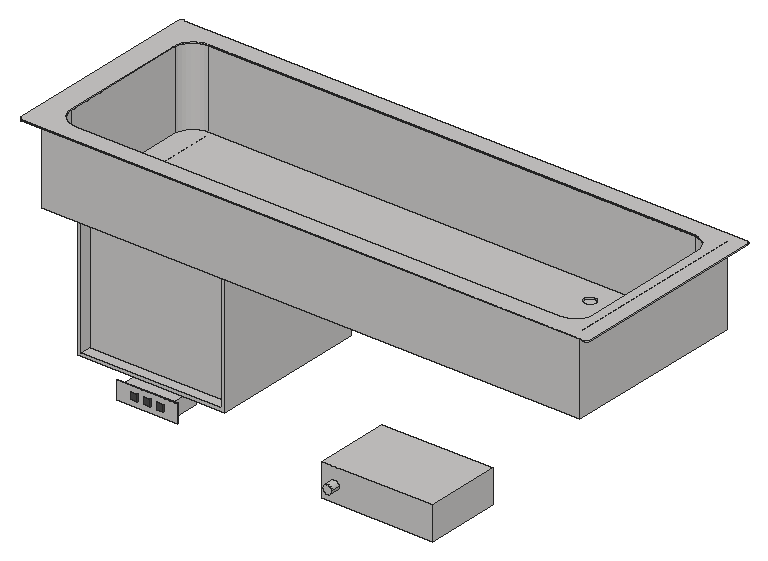
Revit family "QF_ELECTROLUXPROFESSIONAL_341039_D10C5", category Specialty Equipment, Revit 2018
Family settings
  Round Connector Dimension = Use Diameter
  Part Type = Normal
  Work Plane-Based = No
  Always vertical = Yes
  Cut with Voids When Loaded = No
  Shared = No
  Room Calculation Point = No
Parameters (values of type "Standard")
  Weight = 0.00 kg
  Watts = 0 W
  Volts = 220 V
  URL Manufacturer = "http://professional.electrolux.com"
  URL = "http://professional.electrolux.com"
  Steam Supply Size = 0 mm
  Steam Supply Minimum Pressure = 0.0 Pa
  Steam Supply Maximum Pressure = 0.0 Pa
  Steam Pounds per Hour = 0
  Show Clearance [instance] = yes
  Remote Electrical Box_Z [instance] = 200.00 mm
  Remote Electrical Box_Y [instance] = 500.00 mm
  Remote Electrical Box_X [instance] = 1000.00 mm
  Refrigeration Suction Line Size = 0 mm
  Refrigeration Liquid Line Size = 0 mm
  Refrigerant Compressor Remote = yes
  Manufacturer = "Electrolux Professional"
  Phase = 1
  Model = "D10C5"
  Length Actual = 1740.00 mm  # constant formula
  Item Number = "341039"
  Hot Water Size = 0 mm
  Height Actual = 595.00 mm  # constant formula
  HP = "0 HP"
  Gas Size = 0 mm
  Gas KW = 0
  Gas Input Pressure = 0 W
  Direct Waste Size = 25.4 mm
  Description = "DROP-IN REFRIGERATED WELL, STATIC, 5GN"
  Depth Actual = 620.00 mm  # constant formula
  Cycle = 50 Hz
  Controller_Y [instance] = 500.00 mm
  Controller_1Z [instance] = 200.00 mm
  Controller_1X [instance] = 300.00 mm
  Condensate Return Size = 0 mm
  Compressed Air Volume = 0.0 L/s
  Compressed Air Size = 0 mm
  Compressed Air Pressure = 0.0 Pa
  Cold Water Size = 0 mm
  Accessory = yes
Types (2, lengths in mm): name | Volts | URL Manufacturer | URL | Manufacturer | Phase | Model | Item Number | Description | Cycle
  341039.rfa | 0 V | "" | 0.00 | 0.00 | 0 | 0.00 | "" | 0.00 | 0 Hz
  Standard | 220 V | "http://professional.electrolux.com" | "http://professional.electrolux.com" | "Electrolux Professional" | 1 | "D10C5" | "341039" | "DROP-IN REFRIGERATED WELL, STATIC, 5GN" | 50 Hz
Reference planes
  plane 1 "Centro (Fronte/Retro)": y = 74.737
  plane 2: z = 0
  plane 3 "BACK": y = 384.737
  plane 4 "FRONT": y = -235.263
  plane 5 "RIGHT": x = 355.731
  plane 6 "LEFT": x = -1384.269
  plane 7: x = -514.269
  plane 8 "TOP": z = 900
  plane 9: y = 354.737
  plane 10: y = -205.263
  plane 11: x = 308.531
  plane 12: x = -1337.069
  plane 13: y = 329.737
  plane 14: y = -180.263
  plane 15: x = -1314.269
  plane 16: x = 285.731
  plane 17: z = 898
  plane 18: z = 658
  plane 19: z = 661
  plane 20: z = 265
  plane 21: x = -354.269
  plane 22: y = 349.537
  plane 23: y = -200.063
  plane 24: x = -1259.269
  plane 25: x = -809.269
  plane 26: y = 254.737
  plane 27 "1": x = -29.269
  plane 28: y = -165.263
  plane 29: y = 314.737
  plane 30: x = -1084.269
  plane 31: x = -384.269
  plane 32: y = -115.263
  plane 33: y = -115.263
  plane 34: z = 200
  plane 35: z = 200
Forms (mm)
  Extrusion 1, solid, material "QF_Finishes_Stainless Steel"
    sketch origin (0, 0, 900) x (-1, 0, 0) y (0, -1, 0)
      loop
        line (-308.531, -354.737) -> (1337.069, -354.737) -> (1337.069, 205.263) -> (-308.531, 205.263) -> (-308.531, -354.737)
    from -2 to -242
  Extrusion 2, void
    sketch origin (0, 0, 900) x (-1, 0, 0) y (0, -1, 0)
      loop
        line (1314.269, -273.737) -> (1314.269, 124.263)
        arc (1314.269, 124.263) -> (1297.867, 163.861) -> (1258.269, 180.263) r 56
        line (1258.269, 180.263) -> (-229.731, 180.263)
        arc (-229.731, 180.263) -> (-269.329, 163.861) -> (-285.731, 124.263) r 56
        line (-285.731, 124.263) -> (-285.731, -273.737)
        arc (-285.731, -273.737) -> (-269.329, -313.335) -> (-229.731, -329.737) r 56
        line (-229.731, -329.737) -> (1258.269, -329.737)
        arc (1258.269, -329.737) -> (1297.867, -313.335) -> (1314.269, -273.737) r 56
    from 0 to -239
  Extrusion 3, void
    sketch origin (-738.395, -193.95, 900) x (-1, 0, 0) y (0, -1, 0)
      loop
        circle (-709.126, -448.687) r 18
    from -243.6 to -239
  Extrusion 4, solid, material "QF_Finishes_Stainless Steel"
    sketch origin (232.311, 72.737, 0) x (0, -1, 0) y (0, 0, -1)
      loop
        line (204.2, -275) -> (84.2, -275) -> (84.2, -613) -> (204.2, -613) -> (204.2, -275)
    from -1479.58 to -1053.58
  Extrusion 5, solid, material "QF_Finishes_Stainless Steel"
    sketch origin (0, 0, 900) x (-1, 0, 0) y (0, -1, 0)
      loop
        arc (1374.269, -384.737) -> (1381.34, -381.808) -> (1384.269, -374.737) r 10
        line (1384.269, -374.737) -> (1384.269, 225.263)
        arc (1384.269, 225.263) -> (1381.34, 232.334) -> (1374.269, 235.263) r 10
        line (1374.269, 235.263) -> (-345.731, 235.263)
        arc (-345.731, 235.263) -> (-352.802, 232.334) -> (-355.731, 225.263) r 10
        line (-355.731, 225.263) -> (-355.731, -374.737)
        arc (-355.731, -374.737) -> (-352.802, -381.808) -> (-345.731, -384.737) r 10
        line (-345.731, -384.737) -> (1374.269, -384.737)
      loop
        arc (1254.919, -329.737) -> (1296.885, -312.354) -> (1314.269, -270.387) r 59.35
        line (1314.269, -270.387) -> (1314.269, 120.913)
        arc (1314.269, 120.913) -> (1296.885, 162.88) -> (1254.919, 180.263) r 59.35
        line (1254.919, 180.263) -> (-229.731, 180.263)
        arc (-229.731, 180.263) -> (-269.329, 163.861) -> (-285.731, 124.263) r 56
        line (-285.731, 124.263) -> (-285.731, -273.737)
        arc (-285.731, -273.737) -> (-269.329, -313.335) -> (-229.731, -329.737) r 56
        line (-229.731, -329.737) -> (1254.919, -329.737)
    from 0 to -2
  Sweep 6, solid, material "QF_Finishes_Stainless Steel"
    path origin (-29.269, 0, 0) x (0, 1, 0) y (0, 0, 1)
      loop
        line (254.737, 658) -> (254.737, 630) -> (204.737, 630)
    profile origin (-29.269, 254.737, 644) x (1, 0, 0) y (0, 1, 0)
      loop
        circle (0, 0) r 18
  Extrusion 7, solid, material "QF_Finishes_Stainless Steel"
    sketch origin (231.731, -231.263, 456) x (0, 0, 1) y (-1, 0, 0)
      loop
        line (202, 1491) -> (-191, 1491) -> (-191, 1041) -> (202, 1041) -> (202, 1051) -> (-181, 1051) -> (-181, 1481) -> (202, 1481) -> (202, 1491)
    from -546 to -66
Cuts and joins
  Extrusion 2, Extrusion 3 cuts Extrusion 1
Lines and regions (mm)
  symbolic lines
    curve 1: line (345.731, 384.737, 900) -> (-1374.269, 384.737, 900)
    curve 2: arc (-1374.269, 384.737, 900) -> (-1381.34, 381.808, 900) -> (-1384.269, 374.737, 900) r 10
    curve 3: line (-1384.269, 374.737, 900) -> (-1384.269, -225.263, 900)
    curve 4: arc (-1384.269, -225.263, 900) -> (-1381.34, -232.334, 900) -> (-1374.269, -235.263, 900) r 10
    curve 5: line (-1374.269, -235.263, 900) -> (345.731, -235.263, 900)
    curve 6: arc (345.731, -235.263, 900) -> (352.802, -232.334, 900) -> (355.731, -225.263, 900) r 10
    curve 7: line (355.731, -225.263, 900) -> (355.731, 374.737, 900)
    curve 8: arc (355.731, 374.737, 900) -> (352.802, 381.808, 900) -> (345.731, 384.737, 900) r 10
    curve 9: line (-1314.269, -124.263, 900) -> (-1314.269, 273.737, 900)
    curve 10: arc (-1314.269, 273.737, 900) -> (-1297.867, 313.335, 900) -> (-1258.269, 329.737, 900) r 56
    curve 11: line (-1258.269, 329.737, 900) -> (229.731, 329.737, 900)
    curve 12: arc (229.731, 329.737, 900) -> (269.329, 313.335, 900) -> (285.731, 273.737, 900) r 56
    curve 13: line (285.731, 273.737, 900) -> (285.731, -124.263, 900)
    curve 14: arc (285.731, -124.263, 900) -> (269.329, -163.861, 900) -> (229.731, -180.263, 900) r 56
    curve 15: line (229.731, -180.263, 900) -> (-1258.269, -180.263, 900)
    curve 16: arc (-1258.269, -180.263, 900) -> (-1297.867, -163.861, 900) -> (-1314.269, -124.263, 900) r 56
    curve 17: arc (-11.269, 254.737, 900) -> (-29.269, 272.737, 900) -> (-47.269, 254.737, 900) r 18
    curve 18: arc (-47.269, 254.737, 900) -> (-29.269, 236.737, 900) -> (-11.269, 254.737, 900) r 18
  symbolic lines, style "SpecialityEquipmentHiddenLines"
    curve 19: line (-1337.069, 354.737, 900) -> (308.531, 354.737, 900)
    curve 20: line (-1337.069, -205.263, 900) -> (-1337.069, 354.737, 900)
    curve 21: line (308.531, -205.263, 900) -> (-1337.069, -205.263, 900)
    curve 22: line (308.531, 354.737, 900) -> (308.531, -205.263, 900)
    curve 23: line (-1259.269, 314.737, 900) -> (-809.269, 314.737, 900)
    curve 24: line (-1259.269, -165.263, 900) -> (-1259.269, 314.737, 900)
    curve 25: line (-809.269, -165.263, 900) -> (-1259.269, -165.263, 900)
    curve 26: line (-809.269, 314.737, 900) -> (-809.269, -165.263, 900)
    curve 27: line (-994.269, 329.737, 0) -> (-994.269, -180.263, 0)
    curve 28: line (-674.269, 329.737, 0) -> (-674.269, -180.263, 0)
    curve 29: line (-354.269, 329.737, 0) -> (-354.269, -180.263, 0)
    curve 30: line (-34.269, 329.737, 0) -> (-34.269, -180.263, 0)
Dimensions and locks
  plane 6 "LEFT" to plane 5 "RIGHT" = 1740.00 mm
  equal spacing: plane 3 "BACK", plane 1 "Centro (Fronte/Retro)", plane 4 "FRONT"
  plane 3 "BACK" to plane 4 "FRONT" = 620.00 mm
  equal spacing: plane 6 "LEFT", plane 7, plane 5 "RIGHT"
  locked: plane 8 "TOP" to plane 2 at 900
  plane 6 "LEFT" to plane 12 = 47.20 mm
  plane 11 to plane 5 "RIGHT" = 47.20 mm
  locked: plane 3 "BACK" to plane 9 at 30
  locked: plane 10 to plane 4 "FRONT" at 30
  locked: plane 3 "BACK" to plane 13 at 55
  locked: plane 14 to plane 4 "FRONT" at 55
  locked: plane 6 "LEFT" to plane 15 at 70
  locked: plane 16 to plane 5 "RIGHT" at 70
  locked: plane 8 "TOP" to plane 17 at 2
  plane 8 "TOP" to plane 18 = 242.00 mm
  locked: plane 19 to plane 18 at 3
  plane 8 "TOP" to plane 20 = 635.00 mm
  plane 25 to plane 24 = 450.00 mm
  locked: plane 13 to plane 26 at 75
  locked: plane 24 to Extrusion 4 at 12
  locked: plane 25 to Extrusion 4 at 12
  plane 24 to plane 6 "LEFT" = 125.00 mm
  plane 15 to plane 16 = 1600.00 mm
  Extrusion 5 to Extrusion 5 = 510.00 mm
  equal spacing: plane 28, plane 1 "Centro (Fronte/Retro)", plane 29
  plane 28 to plane 29 = 480.00 mm
  "Controller_Y": plane 3 "BACK" to plane 33
  "Remote Electrical Box_Y": plane 3 "BACK" to plane 32
  "Controller_1X": plane 6 "LEFT" to plane 30
  "Remote Electrical Box_X": plane 6 "LEFT" to plane 31
  "Controller_1Z": plane 35 to plane 2
  "Remote Electrical Box_Z": plane 34 to plane 2
  aligned and locked: level to plane 2
  aligned and locked: Extrusion 1 sketch curve to plane 9
  aligned and locked: plane 11 to Extrusion 1 sketch curve
  aligned and locked: Extrusion 1 sketch curve to plane 10
  aligned and locked: Extrusion 1 sketch curve to plane 12
  aligned and locked: Extrusion 1 to plane 18
  aligned and locked: Extrusion 2 to plane 19
  aligned and locked: Extrusion 3 to plane 19
  aligned and locked: plane 6 "LEFT" to Extrusion 5 sketch curve
  aligned and locked: Extrusion 5 sketch curve to plane 3 "BACK"
  aligned and locked: Extrusion 5 sketch curve to plane 5 "RIGHT"
  aligned and locked: plane 4 "FRONT" to Extrusion 5 sketch curve
  aligned and locked: Extrusion 5 sketch curve to plane 16
  aligned and locked: Extrusion 5 sketch curve to plane 13
  aligned and locked: plane 15 to Extrusion 5 sketch curve
  aligned and locked: Extrusion 5 sketch curve to plane 14
  aligned and locked: Extrusion 5 to plane 17
  aligned and locked: plane 29 to Extrusion 7
  aligned and locked: Extrusion 7 to plane 28
  aligned and locked: plane 30 to nested 1
  aligned and locked: nested 2 to plane 31
  aligned and locked: plane 32 to nested 2
  aligned and locked: nested 1 to plane 33
  aligned and locked: plane 34 to nested 2
  aligned and locked: nested 1 to plane 35
Automatic sketch dimensions
  Extrusion 2 sketch curve to plane 13 = 56.00 mm
  Extrusion 2 sketch curve to plane 16 = 56.00 mm
  plane 14 to Extrusion 2 sketch curve = 56.00 mm
  plane 15 to Extrusion 2 sketch curve = 56.00 mm
  plane 20 to Extrusion 4 sketch curve = 10.00 mm
  Extrusion 4 sketch curve to plane 22 = 361.00 mm
  Extrusion 4 sketch curve to Extrusion 4 sketch curve = 120.00 mm
  Extrusion 4 sketch curve to plane 18 = 45.00 mm
  Extrusion 3 sketch curve to plane 26 = 0.00 mm
  Extrusion 2 sketch curve to plane 16 = 0.00 mm
  plane 14 to Extrusion 2 sketch curve = 0.00 mm
  Extrusion 2 sketch curve to plane 13 = 0.00 mm
  Extrusion 2 sketch curve to plane 15 = 0.00 mm
  Extrusion 5 sketch curve to plane 5 "RIGHT" = 10.00 mm
  Extrusion 5 sketch curve to plane 3 "BACK" = 10.00 mm  (x2)
  plane 24 to Extrusion 5 sketch curve = 4.35 mm  (x2)
  plane 6 "LEFT" to Extrusion 5 sketch curve = 10.00 mm
  Extrusion 3 sketch curve to plane 16 = 315.00 mm
  plane 26 to Extrusion 5 sketch curve = 19.00 mm
  Extrusion 5 sketch curve to Extrusion 5 sketch curve = 56.00 mm
  Sweep 6 sketch curve to plane 26 = 0.00 mm
  Sweep 6 sketch curve to plane 18 = 0.00 mm
  Sweep 6 sketch curve to plane 18 = 28.00 mm
  Sweep 6 sketch curve to Sweep 6 sketch curve = 50.00 mm
  Sweep 6 sketch curve to Sweep 6 sketch curve = 0.00 mm  (x2)
  profile plane to Sweep 6 sketch curve = 0.00 mm
  Sweep 6 sketch curve to plane 27 "1" = 0.00 mm
  Sweep 6 sketch curve to plane 27 "1" = 18.00 mm
  Extrusion 7 sketch curve to plane 20 = 0.00 mm
  Extrusion 7 sketch curve to plane 18 = 0.00 mm  (x2)
  Extrusion 7 sketch curve to plane 25 = 0.00 mm
  Extrusion 7 sketch curve to plane 24 = 0.00 mm
  plane 20 to Extrusion 7 sketch curve = 10.00 mm
  Extrusion 7 sketch curve to plane 25 = 10.00 mm
  plane 24 to Extrusion 7 sketch curve = 10.00 mm
  curve 17 to curve 18 = 0.00 mm  (x2)
  curve 7 to plane 5 "RIGHT" = 0.00 mm
  curve 5 to plane 4 "FRONT" = 0.00 mm
  curve 1 to plane 3 "BACK" = 0.00 mm
  plane 10 to curve 22 = 0.00 mm
  curve 22 to plane 11 = 0.00 mm
  curve 13 to plane 16 = 0.00 mm
  plane 13 to curve 11 = 0.00 mm
  plane 14 to curve 15 = 0.00 mm
  plane 26 to curve 18 = 0.00 mm
  curve 18 to plane 27 "1" = 0.00 mm
  curve 25 to plane 25 = 0.00 mm
  curve 25 to plane 24 = 0.00 mm
  curve 16 to plane 15 = 0.00 mm
  curve 19 to plane 9 = 0.00 mm
  curve 19 to plane 12 = 0.00 mm
  curve 4 to plane 6 "LEFT" = 0.00 mm
  curve 23 to plane 29 = 0.00 mm
  curve 24 to plane 28 = 0.00 mm
  curve 6 to curve 6 = 10.00 mm
  curve 1 to plane 5 "RIGHT" = 10.00 mm
  curve 11 to plane 16 = 56.00 mm
  plane 28 to curve 14 = 41.00 mm
  plane 24 to curve 15 = 1.00 mm
  plane 24 to curve 11 = 1.00 mm
  plane 6 "LEFT" to curve 1 = 10.00 mm
  plane 6 "LEFT" to curve 5 = 10.00 mm
  plane 27 "1" to curve 18 = 18.00 mm
  curve 27 to plane 14 = 0.00 mm
  curve 27 to plane 13 = 0.00 mm
  curve 28 to plane 14 = 0.00 mm
  curve 28 to plane 13 = 0.00 mm
  curve 29 to plane 14 = 0.00 mm
  curve 29 to plane 13 = 0.00 mm
  plane 14 to curve 30 = 0.00 mm
  plane 13 to curve 30 = 0.00 mm
  curve 27 to plane 25 = 185.00 mm
  curve 28 to plane 7 = 160.00 mm
  plane 21 to curve 29 = 0.00 mm
  curve 30 to plane 27 "1" = 5.00 mm
  radius of Extrusion 3 sketch curve = 18.00 mm
Nested families
  nested 1: "Controller" at (-1084.269, -115.263, 200), type "Controller"
  nested 2: "Remote_Electrical_Box" at (-384.269, -0.263, 100), type "Remote_Electrical_Box"
  nested 3: "Refrigerator" at (175.731, -45.263, 900), type "Refrigerator"
Connectors
  piping at (-29.269, 204.737, 630), diameter 36
    settings: on Sweep 6, index 1, connector inside diameter 609.6 mm, connector length 0.00 mm, flow factor 0, pipe flow 0.0 L/s, pressure drop 0.0 Pa, fitting loss kfactor 0, connector angle 0.00°, fixture units 0, engagement length 0.00 mm, angle of deflection 0.00°, flow configuration 1, flow direction 1, fitting loss method 0, system type 16, joint type 0, gender type 0, connector reference index -1, connector utility 0, adjustable connector no, is connector primary yes, connector description "Drain"
  electrical at (-514.269, -142.263, 149.381)
    settings: on nested 2, index 2, voltage 0 V, apparent load 0 VA, apparent load phase1 0 VA, apparent load phase2 0 VA, apparent load phase3 0 VA, power factor 1, load classification "Altro", number of poles 1, system type 14, power factor state 1, is connector primary yes, connector utility no, sub classification motor no, connector description ""
Definition of nested family "Controller"
  Reference planes
    plane 1 "Center (Front/Back)": y = 0
    plane 2: z = 0
    plane 3 "Center (Left/Right)": x = 0
  Forms (mm)
    Extrusion 1, solid
      sketch origin (0, 44.769, -48.2) x (1, 0, 0) y (0, 1, 0)
        loop
          line (-76, 43.231) -> (-76, -47.65) -> (76, -47.65) -> (76, 43.231) -> (-76, 43.231)
      from 6.2 to 48.2
    Extrusion 2, solid
      sketch origin (0, 44.769, -48.2) x (1, 0, 0) y (0, 0, 1)
        loop
          line (-92.25, 54.4) -> (-92.25, 0) -> (92.25, 0) -> (92.25, 54.4) -> (-92.25, 54.4)
        loop
          line (-76, 48.2) -> (-76, 6.2) -> (76, 6.2) -> (76, 48.2) -> (-76, 48.2)
      from 44.769 to 47.65
    Extrusion 3, solid
      sketch origin (76, -2.881, -48.2) x (-1, 0, 0) y (0, 0, -1)
        loop
          line (106, -37.2) -> (126, -37.2) -> (126, -17.2) -> (106, -17.2) -> (106, -37.2)
        loop
          line (66, -37.2) -> (86, -37.2) -> (86, -17.2) -> (66, -17.2) -> (66, -37.2)
        loop
          line (26, -37.2) -> (46, -37.2) -> (46, -17.2) -> (26, -17.2) -> (26, -37.2)
      from 0 to 2
    Extrusion 4, void
      sketch origin (0, 0, 0) x (1, 0, 0) y (0, 1, 0)
        loop
          line (76, 88) -> (-76, 88) -> (-76, 0) -> (76, 0) -> (76, 88)
      from 0 to -42
  Cuts and joins
    Extrusion 4 cuts Extrusion 2
    joined: Extrusion 1, Extrusion 2
  Lines and regions (mm)
    symbolic lines
      curve 1: line (-76, 88, 0) -> (-76, 0, 0)
      curve 2: line (76, 88, 0) -> (-76, 88, 0)
      curve 3: line (76, 0, 0) -> (76, 88, 0)
      curve 4: line (-92.25, -2.881, 0) -> (92.25, -2.881, 0)
      curve 5: line (-92.25, 0, 0) -> (-92.25, -2.881, 0)
      curve 6: line (92.25, 0, 0) -> (-92.25, 0, 0)
      curve 7: line (92.25, -2.881, 0) -> (92.25, 0, 0)
  Dimensions and locks
    aligned and locked: level to plane 2
Definition of nested family "Remote_Electrical_Box"
  Parameters (values of type "Remote_Electrical_Box")
    Default Elevation = 1219.20 mm
  Reference planes
    plane 1 "Center (Front/Back)": y = 0
    plane 2: z = 0
    plane 3 "Center (Left/Right)": x = 0
    plane 4: x = -170
    plane 5: x = 170
    plane 6: y = 115
    plane 7: y = -115
    plane 8: z = 100
    plane 9: z = 50
  Forms (mm)
    Extrusion 1, solid
      sketch origin (0, 0, 0) x (1, 0, 0) y (0, 1, 0)
        loop
          line (-170, 115) -> (-170, -115) -> (170, -115) -> (170, 115) -> (-170, 115)
      from 0 to 100
    Extrusion 2, solid
      sketch origin (0, 0, 0) x (1, 0, 0) y (0, 0, 1)
        loop
          circle (-130, 49.381) r 13
      from 115 to 142
  Lines and regions (mm)
    symbolic lines
      curve 1: line (-170, 115, 0) -> (170, 115, 0)
      curve 2: line (-170, -115, 0) -> (-170, 115, 0)
      curve 3: line (170, -115, 0) -> (-170, -115, 0)
      curve 4: line (170, 115, 0) -> (170, -115, 0)
      curve 5: line (-143, -142, 0) -> (-117, -142, 0)
      curve 6: line (-143, -142, 0) -> (-143, -115, 0)
      curve 7: line (-117, -142, 0) -> (-117, -115, 0)
  Dimensions and locks
    equal spacing: plane 4, plane 3 "Center (Left/Right)", plane 5
    equal spacing: plane 6, plane 1 "Center (Front/Back)", plane 7
    plane 4 to plane 5 = 340.00 mm
    plane 6 to plane 7 = 230.00 mm
    Extrusion 1 to Extrusion 2 sketch curve = 40.00 mm
    equal spacing: plane 8, plane 9, plane 2
    aligned and locked: level to plane 2
    aligned and locked: Extrusion 1 sketch curve to plane 6
    aligned and locked: plane 4 to Extrusion 1 sketch curve
    aligned and locked: plane 7 to Extrusion 1 sketch curve
    aligned and locked: Extrusion 1 sketch curve to plane 5
    aligned and locked: plane 7 to Extrusion 2
    aligned and locked: plane 8 to Extrusion 1
  Automatic sketch dimensions
    level to Extrusion 2 sketch curve = 49.381 mm
    curve 3 to plane 4 = 0.00 mm
    curve 7 to plane 7 = 0.00 mm
    curve 3 to plane 5 = 0.00 mm
    curve 2 to plane 6 = 0.00 mm
    plane 4 to curve 6 = 27.00 mm
    curve 5 to curve 6 = 27.00 mm
    curve 6 to curve 7 = 26.00 mm
    radius of Extrusion 2 sketch curve = 13.00 mm
Definition of nested family "Refrigerator"
  Reference planes
    plane 1 "Center (Front/Back)": y = 0
    plane 2: z = 0
    plane 3 "Center (Left/Right)": x = 0
  Lines and regions (mm)
    detail lines, in view "Ref. Level"
      curve 1: line (0, -60, 0) -> (0, 60, 0)
      curve 2: line (-51.962, 30, 0) -> (51.962, -30, 0)
      curve 3: line (-51.962, -30, 0) -> (51.962, 30, 0)
      curve 4: line (19.116, 56.873, 0) -> (0, 35, 0)
      curve 5: line (0, 35, 0) -> (-19.116, 56.873, 0)
      curve 6: line (-30.311, 17.5, 0) -> (-40, 45.883, 0)
      curve 7: line (-59.736, 11.7, 0) -> (-30.311, 17.5, 0)
      curve 8: line (-30.311, -17.5, 0) -> (-59.736, -11.7, 0)
      curve 9: line (-40, -45.883, 0) -> (-30.311, -17.5, 0)
      curve 10: line (0, -35, 0) -> (-19.116, -56.873, 0)
      curve 11: line (19.116, -56.873, 0) -> (0, -35, 0)
      curve 12: line (30.311, -17.5, 0) -> (39.696, -44.992, 0)
      curve 13: line (58.812, -11.882, 0) -> (30.311, -17.5, 0)
      curve 14: line (30.311, 17.5, 0) -> (58.812, 11.882, 0)
      curve 15: line (39.696, 44.992, 0) -> (30.311, 17.5, 0)
